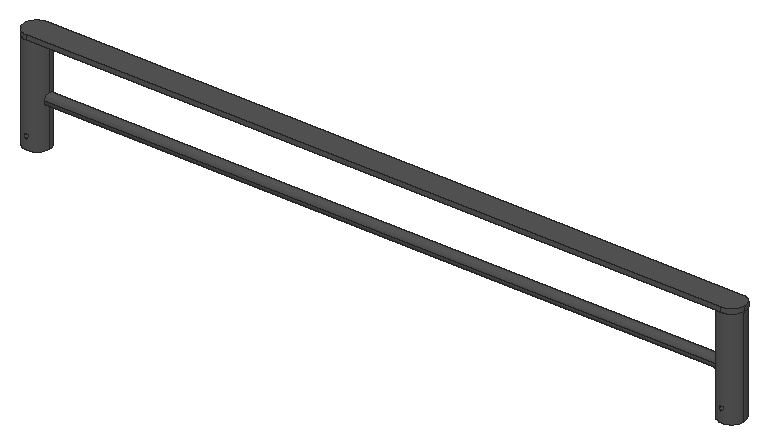
Revit family "ALMA-Ascari_800_Double_Towel_Rail", category Specialty Equipment, host Face, Revit 2026
Family settings
  Host = Face
  Round Connector Dimension = Use Diameter
  Part Type = Normal
  Enable Cutting in Views = Yes
  Cut with Voids When Loaded = No
  Maintain Annotation Orientation = No
  Shared = No
  Room Calculation Point = No
Parameters (values of type "MATTE BLACK")
  Material = BM_MATTE BLACK
  Default Elevation = 1219.2 mm
Types (6, lengths in mm): name | Material
  (no name) | BM_MATTE BLACK
  MATTE BLACK | BM_MATTE BLACK
  BRUSHED NICKEL | BM_BRUSHED NICKEL
  BRUSHED ANTIQUE BRASS | BM_ANTIQUE BRASS
  BRUSHED BRASS GOLD | BM_BRASS GOLD
  BRUSHED GUNMETAL | BM_GUNMETAL
Reference planes
  plane 1 "Center (Front/Back)": y = 0
  plane 2: z = 0
  plane 3 "Center (Left/Right)": x = 0
Forms (mm)
  Extrusion 1, solid, material "BM_MATTE BLACK" <- "Material"
    sketch origin (0, 0, 0) x (1, 0, 0) y (0, 1, 0)
      loop
        arc (-385.5, 14.5) -> (-395.753, 10.253) -> (-400, 0) r 14.5
        arc (-400, 0) -> (-395.753, -10.253) -> (-385.5, -14.5) r 14.5
        line (-385.5, -14.5) -> (385.5, -14.5)
        arc (385.5, -14.5) -> (395.753, -10.253) -> (400, 0) r 14.5
        arc (400, 0) -> (395.753, 10.253) -> (385.5, 14.5) r 14.5
        line (385.5, 14.5) -> (-385.5, 14.5)
    from 110 to 115
  Extrusion 2, solid, material "BM_MATTE BLACK" <- "Material"
    sketch origin (0, 0, -5.625) x (0, 1, 0) y (0, 0, 1)
      loop
        circle (0, 55.839) r 6.25
    from -385.753 to 386.062
  Extrusion 3, solid, material "BM_MATTE BLACK" <- "Material"
    sketch origin (960.477, 0, 0) x (1, 0, 0) y (0, 1, 0)
      loop
        circle (-574.977, 0) r 14
    from 0 to 110
  Extrusion 4, solid, material "BM_MATTE BLACK" <- "Material"
    sketch origin (189.477, 0, 0) x (1, 0, 0) y (0, 1, 0)
      loop
        circle (-574.977, 0) r 14
    from 0 to 110
  Extrusion 5, void
    sketch origin (0, 0, 0) x (1, 0, 0) y (0, 0, 1)
      loop
        circle (-385.5, 14.5) r 2.5
      loop
        circle (385.5, 14.5) r 2.5
    from -14.5 to 14.5
Cuts and joins
  Extrusion 5 cuts Extrusion 2
  Extrusion 5 cuts Extrusion 3
  Extrusion 5 cuts Extrusion 4
  joined: Extrusion 2, Extrusion 3, Extrusion 4
Lines and regions (mm)
  model lines
    curve 1: circle (385.5, 0, 14.5) r 2.5 normal (0, -1, 0)
    curve 2: circle (-385.5, 0, 14.5) r 2.5 normal (0, -1, 0)
Text (mm)
  text "Refer to www.buildmat.com.au for the most current product literature. \nAllow a +/- 5mm tolerance for dimensions shown in the product literature. \nPlease note product details are subject to change due to ongoing product development." at (-1.255, -1319.133, 0), in view "Ref. Level"
Dimensions and locks
  aligned and locked: plane 2 to host face
  aligned and locked: level to host face
